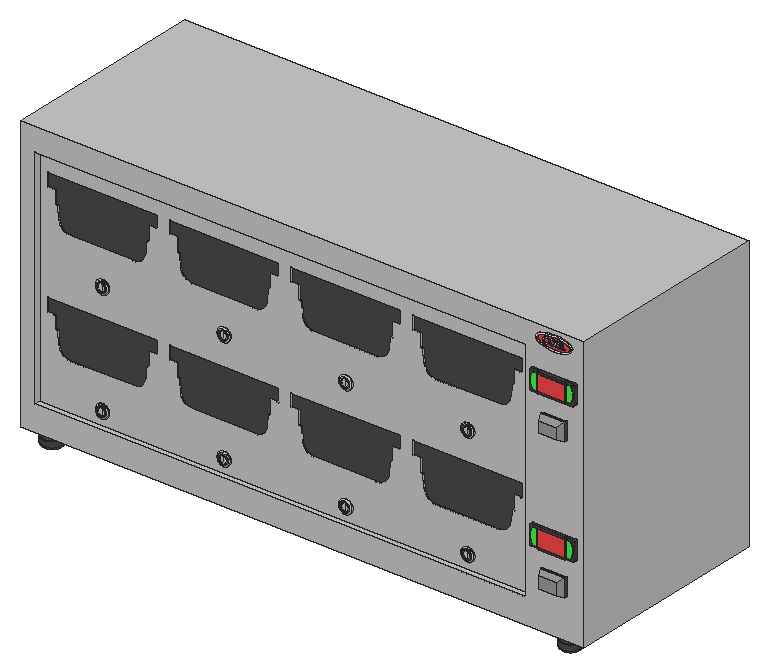
Revit family "QF_COZIL_CPE-08", category Equipamento especial, Revit 2020
Family settings
  Cota do conector redondo = Utilizar diâmetro
  Tipo de parte = Normal
  Número OmniClass = 23.40.40.11.21
  Título OmniClass = Hot Cabinets
  Com base no plano de trabalho = Não
  Sempre na vertical = Sim
  Corte com vazios quando carregada = Não
  Compartilhado = Não
  Ponto de cálculo do ambiente = Não
Parameters (values of type "CPE-08")
  Weight [instance] = 15.00 kg
  Watts [instance] = 2550 W
  Volts [instance] = 220 V
  URL = "https://cozil.com.br/produto/conservador-de-proteinas-eletrico/"
  Modelo = "CPE-08"
  Fabricante = "COZIL"
  Elevação padrão = 0 mm
  Descrição = "ESTUFA DE CONSERVACAO DE PROTEINAS ELETRICO DE ENCOSTO MED.930X340X472MM"
  Type Comments = ""
  Show Logo [instance] = yes
  Show Clearances [instance] = yes
  Potential Equalisation [instance] = yes
  Phase [instance] = 1
  Operational Current [instance] = 9.8 A
  Masterspec [instance] = ""
  Length Actual [instance] = 930 mm
  Ingress Protection Code [instance] = "IPX4"
  Identify Quantity as Lot [instance] = yes
  Height Actual [instance] = 472 mm
  Foodservice Equipment Identifier [instance] = yes
  Elec Conn Connection Height [instance] = 0 mm
  Depth Actual [instance] = 340 mm
  Cycle [instance] = 60 Hz
  CSI MasterFormat [instance] = ""
  CE Approved [instance] = yes
Reference planes
  plane 1 "Centro (Frontal/Traseira)": y = 0
  plane 2: z = 0
  plane 3 "Centro (Esquerda/Direita)": x = 0
  plane 4: x = -37
  plane 5: x = -37
  plane 6: x = -893.04
  plane 7: x = -893.04
  plane 8: y = -20
  plane 9: y = -320
  plane 10: y = -20
  plane 11: y = -320
  plane 12: z = 20
  plane 13: x = -930
  plane 14: z = 472
  plane 15: z = 393.079
  plane 16: y = -340
  plane 17: y = -340
  plane 18: y = -340
  plane 19: y = -340
  plane 20: y = -340
  plane 21: z = 267.5
  plane 22: z = 83.8
  plane 23: y = -340
Forms (mm)
  Extrusion 1, solid, material "QF_Metal_Stainless Steel"
    sketch origin (0, 0, 0) x (1, 0, 0) y (0, 0, 1)
      loop
        line (0, 472) -> (-930, 472) -> (-930, 20) -> (0, 20) -> (0, 472)
    from 0 to 330
  Extrusion 2, solid, material "QF_Metal_Stainless Steel"
    sketch origin (0, -330, 0) x (1, 0, 0) y (0, 0, 1)
      loop
        line (-930, 472) -> (-930, 20) -> (0, 20) -> (0, 472) -> (-930, 472)
      loop
        line (-905.35, 436) -> (-905.35, 61.9) -> (-96, 61.9) -> (-96, 436) -> (-905.35, 436)
    from 0 to 10
  Extrusion 3, void
    sketch origin (0, -330, 0) x (1, 0, 0) y (0, 0, 1)
      loop
        line (-892.6, 406) -> (-892.6, 384.2) -> (-879.5, 384.2) -> (-879.5, 363.202) -> (-877.836, 363.202)
        arc (-877.836, 363.202) -> (-876.484, 362.675) -> (-875.844, 361.372) r 2
        line (-875.844, 361.372) -> (-874.215, 342.298)
        arc (-874.215, 342.298) -> (-867.815, 329.269) -> (-854.287, 324) r 20
        line (-854.287, 324) -> (-749.764, 324)
        arc (-749.764, 324) -> (-736.252, 329.254) -> (-729.84, 342.257) r 20
        line (-729.84, 342.257) -> (-728.36, 359.174)
        arc (-728.36, 359.174) -> (-727.719, 360.475) -> (-726.367, 361) r 2
        line (-726.367, 361) -> (-724.7, 361) -> (-724.7, 384.2) -> (-711.6, 384.2) -> (-711.6, 406) -> (-892.6, 406)
      loop
        line (-691.6, 406) -> (-691.6, 384.2) -> (-678.5, 384.2) -> (-678.5, 363.202) -> (-676.836, 363.202)
        arc (-676.836, 363.202) -> (-675.484, 362.675) -> (-674.844, 361.372) r 2
        line (-674.844, 361.372) -> (-673.215, 342.298)
        arc (-673.215, 342.298) -> (-666.815, 329.269) -> (-653.287, 324) r 20
        line (-653.287, 324) -> (-548.764, 324)
        arc (-548.764, 324) -> (-535.252, 329.254) -> (-528.84, 342.257) r 20
        line (-528.84, 342.257) -> (-527.36, 359.174)
        arc (-527.36, 359.174) -> (-526.719, 360.475) -> (-525.367, 361) r 2
        line (-525.367, 361) -> (-523.7, 361) -> (-523.7, 384.2) -> (-510.6, 384.2) -> (-510.6, 406) -> (-691.6, 406)
      loop
        line (-490.6, 406) -> (-490.6, 384.2) -> (-477.5, 384.2) -> (-477.5, 363.202) -> (-475.836, 363.202)
        arc (-475.836, 363.202) -> (-474.484, 362.675) -> (-473.844, 361.372) r 2
        line (-473.844, 361.372) -> (-472.215, 342.298)
        arc (-472.215, 342.298) -> (-465.815, 329.269) -> (-452.287, 324) r 20
        line (-452.287, 324) -> (-347.764, 324)
        arc (-347.764, 324) -> (-334.252, 329.254) -> (-327.84, 342.257) r 20
        line (-327.84, 342.257) -> (-326.36, 359.174)
        arc (-326.36, 359.174) -> (-325.719, 360.475) -> (-324.367, 361) r 2
        line (-324.367, 361) -> (-322.7, 361) -> (-322.7, 384.2) -> (-309.6, 384.2) -> (-309.6, 406) -> (-490.6, 406)
      loop
        line (-892.6, 220.8) -> (-892.6, 199) -> (-879.5, 199) -> (-879.5, 178.002) -> (-877.836, 178.002)
        arc (-877.836, 178.002) -> (-876.484, 177.475) -> (-875.844, 176.172) r 2
        line (-875.844, 176.172) -> (-874.215, 157.098)
        arc (-874.215, 157.098) -> (-867.815, 144.069) -> (-854.287, 138.8) r 20
        line (-854.287, 138.8) -> (-749.764, 138.8)
        arc (-749.764, 138.8) -> (-736.252, 144.054) -> (-729.84, 157.057) r 20
        line (-729.84, 157.057) -> (-728.36, 173.974)
        arc (-728.36, 173.974) -> (-727.719, 175.275) -> (-726.367, 175.8) r 2
        line (-726.367, 175.8) -> (-724.7, 175.8) -> (-724.7, 199) -> (-711.6, 199) -> (-711.6, 220.8) -> (-892.6, 220.8)
      loop
        line (-691.6, 220.8) -> (-691.6, 199) -> (-678.5, 199) -> (-678.5, 178.002) -> (-676.836, 178.002)
        arc (-676.836, 178.002) -> (-675.484, 177.475) -> (-674.844, 176.172) r 2
        line (-674.844, 176.172) -> (-673.215, 157.098)
        arc (-673.215, 157.098) -> (-666.815, 144.069) -> (-653.287, 138.8) r 20
        line (-653.287, 138.8) -> (-548.764, 138.8)
        arc (-548.764, 138.8) -> (-535.252, 144.054) -> (-528.84, 157.057) r 20
        line (-528.84, 157.057) -> (-527.36, 173.974)
        arc (-527.36, 173.974) -> (-526.719, 175.275) -> (-525.367, 175.8) r 2
        line (-525.367, 175.8) -> (-523.7, 175.8) -> (-523.7, 199) -> (-510.6, 199) -> (-510.6, 220.8) -> (-691.6, 220.8)
      loop
        line (-490.6, 220.8) -> (-490.6, 199) -> (-477.5, 199) -> (-477.5, 178.002) -> (-475.836, 178.002)
        arc (-475.836, 178.002) -> (-474.484, 177.475) -> (-473.844, 176.172) r 2
        line (-473.844, 176.172) -> (-472.215, 157.098)
        arc (-472.215, 157.098) -> (-465.815, 144.069) -> (-452.287, 138.8) r 20
        line (-452.287, 138.8) -> (-347.764, 138.8)
        arc (-347.764, 138.8) -> (-334.252, 144.054) -> (-327.84, 157.057) r 20
        line (-327.84, 157.057) -> (-326.36, 173.974)
        arc (-326.36, 173.974) -> (-325.719, 175.275) -> (-324.367, 175.8) r 2
        line (-324.367, 175.8) -> (-322.7, 175.8) -> (-322.7, 199) -> (-309.6, 199) -> (-309.6, 220.8) -> (-490.6, 220.8)
      loop
        line (-289.6, 406) -> (-289.6, 384.2) -> (-276.5, 384.2) -> (-276.5, 363.202) -> (-274.836, 363.202)
        arc (-274.836, 363.202) -> (-273.484, 362.675) -> (-272.844, 361.372) r 2
        line (-272.844, 361.372) -> (-271.215, 342.298)
        arc (-271.215, 342.298) -> (-264.815, 329.269) -> (-251.287, 324) r 20
        line (-251.287, 324) -> (-146.764, 324)
        arc (-146.764, 324) -> (-133.252, 329.254) -> (-126.84, 342.257) r 20
        line (-126.84, 342.257) -> (-125.36, 359.174)
        arc (-125.36, 359.174) -> (-124.719, 360.475) -> (-123.367, 361) r 2
        line (-123.367, 361) -> (-121.7, 361) -> (-121.7, 384.2) -> (-108.6, 384.2) -> (-108.6, 406) -> (-289.6, 406)
      loop
        line (-289.6, 220.8) -> (-289.6, 199) -> (-276.5, 199) -> (-276.5, 178.002) -> (-274.836, 178.002)
        arc (-274.836, 178.002) -> (-273.484, 177.475) -> (-272.844, 176.172) r 2
        line (-272.844, 176.172) -> (-271.215, 157.098)
        arc (-271.215, 157.098) -> (-264.815, 144.069) -> (-251.287, 138.8) r 20
        line (-251.287, 138.8) -> (-146.764, 138.8)
        arc (-146.764, 138.8) -> (-133.252, 144.054) -> (-126.84, 157.057) r 20
        line (-126.84, 157.057) -> (-125.36, 173.974)
        arc (-125.36, 173.974) -> (-124.719, 175.275) -> (-123.367, 175.8) r 2
        line (-123.367, 175.8) -> (-121.7, 175.8) -> (-121.7, 199) -> (-108.6, 199) -> (-108.6, 220.8) -> (-289.6, 220.8)
    from 0 to -1
  Extrusion 4, solid, material "QF_Metal_Stainless Steel"
    sketch origin (0, 0, 0) x (-1, 0, 0) y (0, 0, 1)
      loop
        circle (50.5, 101) r 9.525
    from 0 to 10
Cuts and joins
  Extrusion 3 cuts Extrusion 1
  joined: Extrusion 1, Extrusion 2
Lines and regions (mm)
  symbolic lines
    curve 1: line (0, 0, 0) -> (-930, 0, 0)
    curve 2: line (0, -340, 0) -> (0, 0, 0)
    curve 3: line (-930, -340, 0) -> (0, -340, 0)
    curve 4: line (-930, 0, 0) -> (-930, -340, 0)
    curve 5: line (0, -330, 0) -> (-930, -330, 0)
    curve 6: line (-810.108, -340, 0) -> (-810.108, -345, 0)
    curve 7: line (-810.108, -345, 0) -> (-805, -345, 0)
    curve 8: line (-805, -345, 0) -> (-805, -350, 0)
    curve 9: line (-805, -350, 0) -> (-795, -350, 0)
    curve 10: line (-795, -350, 0) -> (-795, -345, 0)
    curve 11: line (-795, -345, 0) -> (-805, -345, 0)
    curve 12: line (-790, -345, 0) -> (-790, -340, 0)
    curve 13: line (-595, -345, 0) -> (-605, -345, 0)
    curve 14: line (-605, -345, 0) -> (-610, -345, 0)
    curve 15: line (-610, -345, 0) -> (-610, -340, 0)
    curve 16: line (-605, -345, 0) -> (-605, -350, 0)
    curve 17: line (-605, -350, 0) -> (-595, -350, 0)
    curve 18: line (-595, -350, 0) -> (-595, -345, 0)
    curve 19: line (-590, -345, 0) -> (-590, -340, 0)
    curve 20: line (-395, -345, 0) -> (-405, -345, 0)
    curve 21: line (-405, -345, 0) -> (-405, -350, 0)
    curve 22: line (-405, -350, 0) -> (-395, -350, 0)
    curve 23: line (-395, -350, 0) -> (-395, -345, 0)
    curve 24: line (-405, -345, 0) -> (-410, -345, 0)
    curve 25: line (-410, -345, 0) -> (-410, -340, 0)
    curve 26: line (-395, -345, 0) -> (-390, -345, 0)
    curve 27: line (-390, -345, 0) -> (-390, -340, 0)
    curve 28: line (-188.917, -345, 0) -> (-198.917, -345, 0)
    curve 29: line (-198.917, -345, 0) -> (-198.917, -350, 0)
    curve 30: line (-198.917, -350, 0) -> (-188.917, -350, 0)
    curve 31: line (-188.917, -350, 0) -> (-188.917, -345, 0)
    curve 32: line (-198.917, -345, 0) -> (-203.917, -345, 0)
    curve 33: line (-203.917, -345, 0) -> (-203.917, -340, 0)
    curve 34: line (-188.917, -345, 0) -> (-183.917, -345, 0)
    curve 35: line (-183.917, -345, 0) -> (-183.917, -340, 0)
    curve 36: line (-795, -345, 0) -> (-790, -345, 0)
    curve 37: line (-595, -345, 0) -> (-590, -345, 0)
  model lines
    curve 38: line (-930, -340, 436) -> (0, -340, 436)
    curve 39: line (-930, -340, 61.9) -> (0, -340, 61.9)
    curve 40: line (0, -340, 436) -> (0, 0, 436)
    curve 41: line (0, -340, 61.9) -> (0, 0, 61.9)
    curve 42: line (0, 0, 61.9) -> (-930, 0, 61.9)
    curve 43: line (0, 0, 436) -> (-930, 0, 436)
    curve 44: line (-930, 0, 436) -> (-930, -340, 436)
    curve 45: line (-930, 0, 61.9) -> (-930, -340, 61.9)
Dimensions and locks
  locked: Extrusion 1 sketch curve to plane 3 "Centro (Esquerda/Direita)" at 930
  locked: plane 7 to plane 13 at 36.96
  locked: plane 3 "Centro (Esquerda/Direita)" to plane 5 at 37
  locked: cut or joined group of Extrusion 1, Extrusion 2, Extrusion 3 to Extrusion 2 sketch curve at 96
  locked: cut or joined group of Extrusion 1, Extrusion 2, Extrusion 3 to Extrusion 2 sketch curve at 24.65
  Extrusion 2 sketch curve to plane 14 = 36 mm
  plane 12 to Extrusion 2 sketch curve = 41.9 mm
  "Height Actual": plane 14 to level
  "Length Actual": plane 13 to plane 3 "Centro (Esquerda/Direita)"
  "Depth Actual": plane 16 to plane 1 "Centro (Frontal/Traseira)"
  plane 3 "Centro (Esquerda/Direita)" to Extrusion 4 sketch curve = 50.5 mm
  level to Extrusion 4 sketch curve = 101 mm
  aligned and locked: level to plane 2
  aligned and locked: plane 3 "Centro (Esquerda/Direita)" to Extrusion 1 sketch curve
  aligned and locked: plane 5 to nested 4
  aligned and locked: plane 4 to nested 3
  aligned and locked: plane 4 to plane 5
  aligned and locked: plane 6 to nested 2
  aligned and locked: plane 7 to nested 1
  aligned and locked: plane 6 to plane 7
  aligned and locked: plane 8 to nested 1
  aligned and locked: plane 9 to nested 2
  aligned and locked: plane 10 to nested 3
  aligned and locked: plane 11 to nested 4
  aligned and locked: plane 9 to plane 11
  aligned and locked: plane 8 to plane 10
  aligned and locked: plane 12 to Extrusion 2
  aligned and locked: plane 12 to cut or joined group of Extrusion 1, Extrusion 2, Extrusion 3
  aligned and locked: plane 12 to nested 1
  aligned and locked: plane 13 to Extrusion 2
  aligned and locked: plane 14 to Extrusion 2
  aligned and locked: plane 14 to cut or joined group of Extrusion 1, Extrusion 2, Extrusion 3
  aligned and locked: plane 13 to cut or joined group of Extrusion 1, Extrusion 2, Extrusion 3
  aligned and locked: plane 16 to Extrusion 2
  aligned and locked: plane 17 to nested 5
  aligned and locked: plane 16 to plane 17
  aligned and locked: plane 19 to nested 6
  aligned and locked: plane 16 to plane 19
  aligned and locked: plane 18 to nested 7
  aligned and locked: plane 16 to plane 18
  aligned and locked: plane 20 to nested 8
  aligned and locked: plane 20 to nested 9
  aligned and locked: plane 16 to plane 20
  aligned and locked: nested 11 to nested 10
  aligned and locked: nested 15 to nested 14
  aligned and locked: nested 16 to nested 12
  aligned and locked: nested 17 to nested 13
  aligned and locked: plane 16 to plane 23
  aligned and locked: plane 21 to nested 10
  aligned and locked: plane 21 to nested 14
  aligned and locked: plane 21 to nested 12
  aligned and locked: plane 21 to nested 13
  aligned and locked: plane 22 to nested 11
  aligned and locked: plane 22 to nested 15
  aligned and locked: plane 22 to nested 16
  aligned and locked: plane 22 to nested 17
  aligned and locked: cut or joined group of Extrusion 1, Extrusion 2, Extrusion 3 to nested 10
  aligned and locked: cut or joined group of Extrusion 1, Extrusion 2, Extrusion 3 to nested 14
  aligned and locked: cut or joined group of Extrusion 1, Extrusion 2, Extrusion 3 to nested 12
  aligned and locked: cut or joined group of Extrusion 1, Extrusion 2, Extrusion 3 to nested 13
  aligned and locked: cut or joined group of Extrusion 1, Extrusion 2, Extrusion 3 to nested 11
  aligned and locked: cut or joined group of Extrusion 1, Extrusion 2, Extrusion 3 to nested 15
  aligned and locked: cut or joined group of Extrusion 1, Extrusion 2, Extrusion 3 to nested 16
  aligned and locked: cut or joined group of Extrusion 1, Extrusion 2, Extrusion 3 to nested 17
  aligned and locked: Extrusion 3 sketch curve to Extrusion 3 sketch curve  (x8)
  aligned and locked: nested 8 to nested 5
  aligned and locked: nested 5 to nested 7
  aligned and locked: nested 9 to nested 5
  aligned and locked: nested 6 to nested 5
  aligned and locked: Extrusion 2 to curve 38
  aligned and locked: Extrusion 2 to curve 39
Automatic sketch dimensions
  Extrusion 1 sketch curve to plane 12 = 0 mm
  Extrusion 1 sketch curve to plane 14 = 0 mm
  Extrusion 1 to Extrusion 2 sketch curve = 0 mm
  Extrusion 2 sketch curve to Extrusion 1 = 0 mm  (x3)
  plane 1 "Centro (Frontal/Traseira)" to curve 1 = 0 mm
  curve 1 to plane 13 = 0 mm
  curve 6 to plane 16 = 0 mm
  curve 5 to plane 3 "Centro (Esquerda/Direita)" = 0 mm
  curve 7 to plane 16 = 5 mm
  plane 6 to curve 7 = 82.932 mm
  curve 6 to curve 7 = 5.108 mm
  curve 7 to curve 11 = 10 mm
  curve 10 to curve 12 = 5 mm
  curve 14 to plane 16 = 5 mm
  curve 12 to curve 14 = 180 mm
  curve 14 to curve 17 = 5 mm
  curve 16 to curve 18 = 10 mm
  curve 25 to plane 16 = 5 mm
  curve 13 to curve 25 = 185 mm
  curve 24 to curve 21 = 5 mm
  curve 20 to curve 23 = 10 mm
  curve 20 to curve 26 = 5 mm
  curve 33 to plane 16 = 5 mm
  curve 32 to curve 29 = 5 mm
  curve 28 to curve 31 = 10 mm
  curve 28 to curve 34 = 5 mm
  curve 8 to curve 7 = 5 mm
  curve 23 to curve 20 = 5 mm
  curve 31 to curve 28 = 5 mm
  curve 16 to curve 13 = 5 mm
  curve 13 to curve 19 = 5 mm
  plane 9 to curve 5 = 10 mm
  curve 33 to plane 4 = 166.917 mm
  Extrusion 3 sketch curve to Extrusion 2 = 12.75 mm  (x2)
  Extrusion 3 sketch curve to Extrusion 3 sketch curve = 13.1 mm  (x14)
  Extrusion 3 sketch curve to Extrusion 3 sketch curve = 1.664 mm  (x8)
  Extrusion 3 sketch curve to Extrusion 3 sketch curve = 1.993 mm  (x8)
  Extrusion 3 sketch curve to Extrusion 3 sketch curve = 1.629 mm  (x8)
  Extrusion 3 sketch curve to Extrusion 3 sketch curve = 19.927 mm  (x8)
  Extrusion 3 sketch curve to Extrusion 3 sketch curve = 104.524 mm  (x6)
  Extrusion 3 sketch curve to Extrusion 2 = 95.157 mm  (x3)
  Extrusion 3 sketch curve to Extrusion 3 sketch curve = 19.924 mm  (x8)
  Extrusion 3 sketch curve to Extrusion 2 = 93.743 mm  (x3)
  Extrusion 3 sketch curve to Extrusion 2 = 76.826 mm  (x3)
  Extrusion 3 sketch curve to Extrusion 3 sketch curve = 1.48 mm  (x8)
  Extrusion 3 sketch curve to Extrusion 3 sketch curve = 1.992 mm  (x8)
  Extrusion 3 sketch curve to Extrusion 3 sketch curve = 1.667 mm  (x8)
  Extrusion 3 sketch curve to Extrusion 3 sketch curve = 20 mm  (x6)
  Extrusion 3 sketch curve to Extrusion 2 = 74.628 mm  (x3)
  Extrusion 3 sketch curve to Extrusion 2 = 114.272 mm  (x3)
  Extrusion 3 sketch curve to Extrusion 2 = 93.702 mm  (x2)
  Extrusion 3 sketch curve to Extrusion 2 = 95.198 mm  (x3)
  Extrusion 3 sketch curve to Extrusion 2 = 112.074 mm  (x2)
  Extrusion 3 sketch curve to Extrusion 2 = 50.764 mm  (x2)
  Extrusion 3 sketch curve to Extrusion 2 = 12.6 mm  (x2)
  Extrusion 3 sketch curve to Extrusion 3 sketch curve = 18.257 mm  (x8)
  Extrusion 3 sketch curve to Extrusion 3 sketch curve = 18.298 mm  (x3)
  Extrusion 3 sketch curve to Extrusion 3 sketch curve = 16.743 mm  (x3)
  Extrusion 3 sketch curve to Extrusion 3 sketch curve = 0.174 mm  (x8)
  Extrusion 3 sketch curve to Extrusion 3 sketch curve = 18.904 mm  (x2)
  Extrusion 3 sketch curve to Extrusion 3 sketch curve = 0.17 mm  (x8)
  Extrusion 3 sketch curve to Extrusion 3 sketch curve = 23.2 mm  (x2)
  Extrusion 3 sketch curve to Extrusion 3 sketch curve = 0 mm  (x4)
  Extrusion 3 sketch curve to Extrusion 3 sketch curve = 20.998 mm  (x4)
  Extrusion 3 sketch curve to Extrusion 3 sketch curve = 21.8 mm  (x6)
  Extrusion 3 sketch curve to Extrusion 3 sketch curve = 37.372 mm
  Extrusion 3 sketch curve to Extrusion 3 sketch curve = 19.074 mm
  curve 39 to Extrusion 2 = 0 mm  (x2)
  curve 38 to Extrusion 2 = 0 mm  (x2)
  curve 41 to Extrusion 1 = 0 mm
  curve 40 to Extrusion 1 = 0 mm
  curve 41 to Extrusion 1 = 10 mm
  Extrusion 1 to curve 41 = 41.9 mm
  curve 40 to Extrusion 1 = 36 mm
  curve 40 to Extrusion 1 = 10 mm
  curve 42 to Extrusion 1 = 0 mm
  curve 43 to Extrusion 1 = 0 mm
  Extrusion 1 to curve 43 = 0 mm
  Extrusion 1 to curve 42 = 0 mm
  Extrusion 1 to curve 42 = 41.9 mm
  Extrusion 1 to curve 43 = 36 mm
  curve 44 to Extrusion 1 = 0 mm
  curve 45 to Extrusion 1 = 0 mm
  curve 44 to Extrusion 1 = 10 mm
  curve 44 to Extrusion 1 = 36 mm
  curve 45 to Extrusion 1 = 10 mm
  curve 45 to Extrusion 1 = 41.9 mm
  radius of Extrusion 4 sketch curve = 9.525 mm
Nested families
  nested 1: "PE DE APOIO" at (-893.04, -20, 0), type "PE DE APOIO"
    with Weight 0.00 kg, Watts 0 W, Waste Water Discharge Temperature -273.15 °C, Waste Remarks "", Warranty Start Date "", Warranty Duration "", Volts 0 V, Volt Free Conn yes, Ventilation Remarks "", URL Recommended Spares List "", URL Manufacturer "", URL Cutsheet "", URL Critical Spares List "", Technical Documentation "", Tag Number "", Steam type "", Steam Supply Volume 0.0 L/s, Steam Supply Size 0 mm, Steam Supply RI Height 0 mm, Steam Supply Minimum Pressure 0.0 Pa, Steam Supply Maximum Pressure 0.0 Pa, Steam Supply Connection Height 0 mm, Steam Remarks "", Steam Pounds per Hour 0, Status "", Start Up Current 0 A, Specification by User "", Specification by Manufacturer "", Sound Level "", Solid Fuel Type "", Show Logo yes, Show Clearances yes, Service Life Duration "", Serial Number "", Sensible Heat Output 0 W, Seismic Rating "", SMACNA No "", Revision Code "", Revision "", Refrigeration Working Pressure 0.0 Pa, Refrigeration Suction Line Size 0 mm, Refrigeration Liquid Line Size 0 mm, Refrigeration Evaporation Temperature -273.15 °C, Refrigeration Energy Efficiency Index "", Refrigeration Defrost Drain yes, Refrigeration Climate Class "", Refrigerant Type "", Refrigerant Mass 0, Refrigerant Flow 0.0 L/s, Refrigerant Compressor Remote yes, Production Year "", Preheated Hot Water Temperature Recommended -273.15 °C, Preheated Hot Water Size 0 mm, Preheated Hot Water RI Height 0 mm, Preheated Hot Water Quality "", Preheated Hot Water Minimum Pressure 0.0 Pa, Preheated Hot Water Maximum Pressure 0.0 Pa, Preheated Hot Water Flow 0.0 L/s, Preheated Hot Water Connection Height 0 mm, Potential Equalisation yes, Point Load 0, Plumbing Remarks "", Plumbing Connection Type "", Phase 0, Other Equipment Approvals "", Operational Current 0 A, Odor Trap Included yes, Number of Poles 1, No Load Power Draw yes, National Water Regulation Certification yes, NAFEM Spec ID Number "", Model Warning "", Min Ckt Ampacity 0 A, Mechanical Remarks "", Mechanical Connection Type "", Max Overcurrent Protection 0 A, Masterspec "", Main switch integrated yes, MU Air Volume 0.0 L/s, MU Air Vent Width 0 mm, MU Air Vent Diameter 0 mm, MU Air Vent Depth 0 mm, MU Air Static Press 0.0 Pa, MU Air Speed at Spigot 0.0 L/s, MU Air RI Height 0 mm, Length Actual 0 mm, Latent Heat Output 0 W, Item Number "", Installed By "", Installation Date "", Ingress Protection Code "", Indirect Waste Size 0 mm, Indirect Waste Flow 0.0 L/s, Indirect Waste Connection Type "", Indirect Waste Connection Height 0 mm, Identify Quantity as Lot yes, ID "", Hygiene Approval "", Hot Water Temperature -273.15 °C, Hot Water Supply Temperature -273.15 °C, Hot Water Size 0 mm, Hot Water RI Height 0 mm, Hot Water Quality "", Hot Water Minimum Pressure 0.0 Pa, Hot Water Maximum Pressure 0.0 Pa, Hot Water Flow 0.0 L/s, Hot Water Consumption "", Hot Water Connection Height 0 mm, Height Actual 0 mm, HP "", Gas Size Flexible 0 mm, Gas Size Fixed 0 mm, Gas Size 0 mm, Gas RI Height 0 mm, Gas Input 0 W, Gas Flow 0.0 L/s, Gas Connection Height 0 mm, Furnished By "", Fuel Type "", Foodservice Equipment Identifier yes, Flue Type "", Filtered Treated Water Supply Size 0 mm, Filtered Treated Water Recommended Temperature -273.15 °C, Filtered Treated Water RI Height 0 mm, Filtered Treated Water Quality "", Filtered Treated Water Minimum Pressure 0.0 Pa, Filtered Treated Water Maximum Pressure 0.0 Pa, Filtered Treated Water Flow 0.0 L/s, Filtered Treated Water Consumption "", Filtered Treated Water Connection Height 0 mm, FL Amps 0 A, Exhaust Volume 0.0 L/s, Exhaust Vent Width 0 mm, Exhaust Vent Height 0 mm, Exhaust Vent Diameter 0 mm, Exhaust Vent Depth 0 mm, Exhaust Static Press 0.0 Pa, Exhaust Speed at Spigot 0.0 L/s, Exhaust RI Height 0 mm, Exhaust Air Temperature -273.15 °C, Exhaust Air Humidity 0, Energy Efficiency Labelling "", Electrical Remarks "", Electric Connection Type "", Elec Conn RI Height 0 mm, Elec Conn Connection Height 0 mm, Earth Leakage Switch necessary yes, Earth Leakage Switch Type "", ETL Approved yes, Direct Waste Size 0 mm, Direct Waste RI Height 0 mm, Direct Waste Flow 0.0 L/s, Direct Waste Connection Height 0 mm, Direct Heat Output 0 W, Digital Connectivity Description "", Depth Actual 0 mm, Cycle 0 Hz, Connection to energy optimisation system yes, Conn Plug "", Conn Conduit yes, Condensate Return Size 0 mm, Condensate Return RI Height 0 mm, Condensate Return Connection Height 0 mm, Compressed Air Volume 0.0 L/s, Compressed Air Size 0 mm, Compressed Air RI Height 0 mm, Compressed Air Quality "", Compressed Air Pressure 0.0 Pa, Compressed Air Connection Height 0 mm, Cold Water Temperature Recommended -273.15 °C, Cold Water Size 0 mm, Cold Water RI Height 0 mm, Cold Water Quality "", Cold Water Minimum Pressure 0.0 Pa, Cold Water Maximum Pressure 0.0 Pa, Cold Water Flow 0.0 L/s, Cold Water Consumption "", Cold Water Connection Height 0 mm, Chilled Water Temperature -273.15 °C, Chilled Water Supply Size 0 mm, Chilled Water Supply RI Height 0 mm, Chilled Water Supply Quality "", Chilled Water Supply Maximum Temperature -273.15 °C, Chilled Water Supply Connection Height 0 mm, Chilled Water Return Size 0 mm, Chilled Water Return RI Height 0 mm, Chilled Water Return Minimum Pressure 0.0 Pa, Chilled Water Return Maximum Pressure 0.0 Pa, Chilled Water Return Connection Height 0 mm, Chilled Water Minimum Pressure 0.0 Pa, Chilled Water Maximum Pressure 0.0 Pa, Chilled Water Flow 0.0 L/s, CSI MasterFormat "", CO2 Volume 0.0 L/s, CO2 Size 0 mm, CO2 RI Height 0 mm, CO2 Pressure 0.0 Pa, CO2 Connection Height 0 mm, CE Approved yes, Barcode "", BTUH 0 W, Author "", Asset Identifier "", Apparent Power 0 VA, Accessory yes, Ability for Digital Connectivity yes
  nested 2: "PE DE APOIO" at (-893.04, -320, 0), type "PE DE APOIO"
    with Weight 0.00 kg, Watts 0 W, Waste Water Discharge Temperature -273.15 °C, Waste Remarks "", Warranty Start Date "", Warranty Duration "", Volts 0 V, Volt Free Conn yes, Ventilation Remarks "", URL Recommended Spares List "", URL Manufacturer "", URL Cutsheet "", URL Critical Spares List "", Technical Documentation "", Tag Number "", Steam type "", Steam Supply Volume 0.0 L/s, Steam Supply Size 0 mm, Steam Supply RI Height 0 mm, Steam Supply Minimum Pressure 0.0 Pa, Steam Supply Maximum Pressure 0.0 Pa, Steam Supply Connection Height 0 mm, Steam Remarks "", Steam Pounds per Hour 0, Status "", Start Up Current 0 A, Specification by User "", Specification by Manufacturer "", Sound Level "", Solid Fuel Type "", Show Logo yes, Show Clearances yes, Service Life Duration "", Serial Number "", Sensible Heat Output 0 W, Seismic Rating "", SMACNA No "", Revision Code "", Revision "", Refrigeration Working Pressure 0.0 Pa, Refrigeration Suction Line Size 0 mm, Refrigeration Liquid Line Size 0 mm, Refrigeration Evaporation Temperature -273.15 °C, Refrigeration Energy Efficiency Index "", Refrigeration Defrost Drain yes, Refrigeration Climate Class "", Refrigerant Type "", Refrigerant Mass 0, Refrigerant Flow 0.0 L/s, Refrigerant Compressor Remote yes, Production Year "", Preheated Hot Water Temperature Recommended -273.15 °C, Preheated Hot Water Size 0 mm, Preheated Hot Water RI Height 0 mm, Preheated Hot Water Quality "", Preheated Hot Water Minimum Pressure 0.0 Pa, Preheated Hot Water Maximum Pressure 0.0 Pa, Preheated Hot Water Flow 0.0 L/s, Preheated Hot Water Connection Height 0 mm, Potential Equalisation yes, Point Load 0, Plumbing Remarks "", Plumbing Connection Type "", Phase 0, Other Equipment Approvals "", Operational Current 0 A, Odor Trap Included yes, Number of Poles 1, No Load Power Draw yes, National Water Regulation Certification yes, NAFEM Spec ID Number "", Model Warning "", Min Ckt Ampacity 0 A, Mechanical Remarks "", Mechanical Connection Type "", Max Overcurrent Protection 0 A, Masterspec "", Main switch integrated yes, MU Air Volume 0.0 L/s, MU Air Vent Width 0 mm, MU Air Vent Diameter 0 mm, MU Air Vent Depth 0 mm, MU Air Static Press 0.0 Pa, MU Air Speed at Spigot 0.0 L/s, MU Air RI Height 0 mm, Length Actual 0 mm, Latent Heat Output 0 W, Item Number "", Installed By "", Installation Date "", Ingress Protection Code "", Indirect Waste Size 0 mm, Indirect Waste Flow 0.0 L/s, Indirect Waste Connection Type "", Indirect Waste Connection Height 0 mm, Identify Quantity as Lot yes, ID "", Hygiene Approval "", Hot Water Temperature -273.15 °C, Hot Water Supply Temperature -273.15 °C, Hot Water Size 0 mm, Hot Water RI Height 0 mm, Hot Water Quality "", Hot Water Minimum Pressure 0.0 Pa, Hot Water Maximum Pressure 0.0 Pa, Hot Water Flow 0.0 L/s, Hot Water Consumption "", Hot Water Connection Height 0 mm, Height Actual 0 mm, HP "", Gas Size Flexible 0 mm, Gas Size Fixed 0 mm, Gas Size 0 mm, Gas RI Height 0 mm, Gas Input 0 W, Gas Flow 0.0 L/s, Gas Connection Height 0 mm, Furnished By "", Fuel Type "", Foodservice Equipment Identifier yes, Flue Type "", Filtered Treated Water Supply Size 0 mm, Filtered Treated Water Recommended Temperature -273.15 °C, Filtered Treated Water RI Height 0 mm, Filtered Treated Water Quality "", Filtered Treated Water Minimum Pressure 0.0 Pa, Filtered Treated Water Maximum Pressure 0.0 Pa, Filtered Treated Water Flow 0.0 L/s, Filtered Treated Water Consumption "", Filtered Treated Water Connection Height 0 mm, FL Amps 0 A, Exhaust Volume 0.0 L/s, Exhaust Vent Width 0 mm, Exhaust Vent Height 0 mm, Exhaust Vent Diameter 0 mm, Exhaust Vent Depth 0 mm, Exhaust Static Press 0.0 Pa, Exhaust Speed at Spigot 0.0 L/s, Exhaust RI Height 0 mm, Exhaust Air Temperature -273.15 °C, Exhaust Air Humidity 0, Energy Efficiency Labelling "", Electrical Remarks "", Electric Connection Type "", Elec Conn RI Height 0 mm, Elec Conn Connection Height 0 mm, Earth Leakage Switch necessary yes, Earth Leakage Switch Type "", ETL Approved yes, Direct Waste Size 0 mm, Direct Waste RI Height 0 mm, Direct Waste Flow 0.0 L/s, Direct Waste Connection Height 0 mm, Direct Heat Output 0 W, Digital Connectivity Description "", Depth Actual 0 mm, Cycle 0 Hz, Connection to energy optimisation system yes, Conn Plug "", Conn Conduit yes, Condensate Return Size 0 mm, Condensate Return RI Height 0 mm, Condensate Return Connection Height 0 mm, Compressed Air Volume 0.0 L/s, Compressed Air Size 0 mm, Compressed Air RI Height 0 mm, Compressed Air Quality "", Compressed Air Pressure 0.0 Pa, Compressed Air Connection Height 0 mm, Cold Water Temperature Recommended -273.15 °C, Cold Water Size 0 mm, Cold Water RI Height 0 mm, Cold Water Quality "", Cold Water Minimum Pressure 0.0 Pa, Cold Water Maximum Pressure 0.0 Pa, Cold Water Flow 0.0 L/s, Cold Water Consumption "", Cold Water Connection Height 0 mm, Chilled Water Temperature -273.15 °C, Chilled Water Supply Size 0 mm, Chilled Water Supply RI Height 0 mm, Chilled Water Supply Quality "", Chilled Water Supply Maximum Temperature -273.15 °C, Chilled Water Supply Connection Height 0 mm, Chilled Water Return Size 0 mm, Chilled Water Return RI Height 0 mm, Chilled Water Return Minimum Pressure 0.0 Pa, Chilled Water Return Maximum Pressure 0.0 Pa, Chilled Water Return Connection Height 0 mm, Chilled Water Minimum Pressure 0.0 Pa, Chilled Water Maximum Pressure 0.0 Pa, Chilled Water Flow 0.0 L/s, CSI MasterFormat "", CO2 Volume 0.0 L/s, CO2 Size 0 mm, CO2 RI Height 0 mm, CO2 Pressure 0.0 Pa, CO2 Connection Height 0 mm, CE Approved yes, Barcode "", BTUH 0 W, Author "", Asset Identifier "", Apparent Power 0 VA, Accessory yes, Ability for Digital Connectivity yes
  nested 3: "PE DE APOIO" at (-37, -20, 0), type "PE DE APOIO"
    with Weight 0.00 kg, Watts 0 W, Waste Water Discharge Temperature -273.15 °C, Waste Remarks "", Warranty Start Date "", Warranty Duration "", Volts 0 V, Volt Free Conn yes, Ventilation Remarks "", URL Recommended Spares List "", URL Manufacturer "", URL Cutsheet "", URL Critical Spares List "", Technical Documentation "", Tag Number "", Steam type "", Steam Supply Volume 0.0 L/s, Steam Supply Size 0 mm, Steam Supply RI Height 0 mm, Steam Supply Minimum Pressure 0.0 Pa, Steam Supply Maximum Pressure 0.0 Pa, Steam Supply Connection Height 0 mm, Steam Remarks "", Steam Pounds per Hour 0, Status "", Start Up Current 0 A, Specification by User "", Specification by Manufacturer "", Sound Level "", Solid Fuel Type "", Show Logo yes, Show Clearances yes, Service Life Duration "", Serial Number "", Sensible Heat Output 0 W, Seismic Rating "", SMACNA No "", Revision Code "", Revision "", Refrigeration Working Pressure 0.0 Pa, Refrigeration Suction Line Size 0 mm, Refrigeration Liquid Line Size 0 mm, Refrigeration Evaporation Temperature -273.15 °C, Refrigeration Energy Efficiency Index "", Refrigeration Defrost Drain yes, Refrigeration Climate Class "", Refrigerant Type "", Refrigerant Mass 0, Refrigerant Flow 0.0 L/s, Refrigerant Compressor Remote yes, Production Year "", Preheated Hot Water Temperature Recommended -273.15 °C, Preheated Hot Water Size 0 mm, Preheated Hot Water RI Height 0 mm, Preheated Hot Water Quality "", Preheated Hot Water Minimum Pressure 0.0 Pa, Preheated Hot Water Maximum Pressure 0.0 Pa, Preheated Hot Water Flow 0.0 L/s, Preheated Hot Water Connection Height 0 mm, Potential Equalisation yes, Point Load 0, Plumbing Remarks "", Plumbing Connection Type "", Phase 0, Other Equipment Approvals "", Operational Current 0 A, Odor Trap Included yes, Number of Poles 1, No Load Power Draw yes, National Water Regulation Certification yes, NAFEM Spec ID Number "", Model Warning "", Min Ckt Ampacity 0 A, Mechanical Remarks "", Mechanical Connection Type "", Max Overcurrent Protection 0 A, Masterspec "", Main switch integrated yes, MU Air Volume 0.0 L/s, MU Air Vent Width 0 mm, MU Air Vent Diameter 0 mm, MU Air Vent Depth 0 mm, MU Air Static Press 0.0 Pa, MU Air Speed at Spigot 0.0 L/s, MU Air RI Height 0 mm, Length Actual 0 mm, Latent Heat Output 0 W, Item Number "", Installed By "", Installation Date "", Ingress Protection Code "", Indirect Waste Size 0 mm, Indirect Waste Flow 0.0 L/s, Indirect Waste Connection Type "", Indirect Waste Connection Height 0 mm, Identify Quantity as Lot yes, ID "", Hygiene Approval "", Hot Water Temperature -273.15 °C, Hot Water Supply Temperature -273.15 °C, Hot Water Size 0 mm, Hot Water RI Height 0 mm, Hot Water Quality "", Hot Water Minimum Pressure 0.0 Pa, Hot Water Maximum Pressure 0.0 Pa, Hot Water Flow 0.0 L/s, Hot Water Consumption "", Hot Water Connection Height 0 mm, Height Actual 0 mm, HP "", Gas Size Flexible 0 mm, Gas Size Fixed 0 mm, Gas Size 0 mm, Gas RI Height 0 mm, Gas Input 0 W, Gas Flow 0.0 L/s, Gas Connection Height 0 mm, Furnished By "", Fuel Type "", Foodservice Equipment Identifier yes, Flue Type "", Filtered Treated Water Supply Size 0 mm, Filtered Treated Water Recommended Temperature -273.15 °C, Filtered Treated Water RI Height 0 mm, Filtered Treated Water Quality "", Filtered Treated Water Minimum Pressure 0.0 Pa, Filtered Treated Water Maximum Pressure 0.0 Pa, Filtered Treated Water Flow 0.0 L/s, Filtered Treated Water Consumption "", Filtered Treated Water Connection Height 0 mm, FL Amps 0 A, Exhaust Volume 0.0 L/s, Exhaust Vent Width 0 mm, Exhaust Vent Height 0 mm, Exhaust Vent Diameter 0 mm, Exhaust Vent Depth 0 mm, Exhaust Static Press 0.0 Pa, Exhaust Speed at Spigot 0.0 L/s, Exhaust RI Height 0 mm, Exhaust Air Temperature -273.15 °C, Exhaust Air Humidity 0, Energy Efficiency Labelling "", Electrical Remarks "", Electric Connection Type "", Elec Conn RI Height 0 mm, Elec Conn Connection Height 0 mm, Earth Leakage Switch necessary yes, Earth Leakage Switch Type "", ETL Approved yes, Direct Waste Size 0 mm, Direct Waste RI Height 0 mm, Direct Waste Flow 0.0 L/s, Direct Waste Connection Height 0 mm, Direct Heat Output 0 W, Digital Connectivity Description "", Depth Actual 0 mm, Cycle 0 Hz, Connection to energy optimisation system yes, Conn Plug "", Conn Conduit yes, Condensate Return Size 0 mm, Condensate Return RI Height 0 mm, Condensate Return Connection Height 0 mm, Compressed Air Volume 0.0 L/s, Compressed Air Size 0 mm, Compressed Air RI Height 0 mm, Compressed Air Quality "", Compressed Air Pressure 0.0 Pa, Compressed Air Connection Height 0 mm, Cold Water Temperature Recommended -273.15 °C, Cold Water Size 0 mm, Cold Water RI Height 0 mm, Cold Water Quality "", Cold Water Minimum Pressure 0.0 Pa, Cold Water Maximum Pressure 0.0 Pa, Cold Water Flow 0.0 L/s, Cold Water Consumption "", Cold Water Connection Height 0 mm, Chilled Water Temperature -273.15 °C, Chilled Water Supply Size 0 mm, Chilled Water Supply RI Height 0 mm, Chilled Water Supply Quality "", Chilled Water Supply Maximum Temperature -273.15 °C, Chilled Water Supply Connection Height 0 mm, Chilled Water Return Size 0 mm, Chilled Water Return RI Height 0 mm, Chilled Water Return Minimum Pressure 0.0 Pa, Chilled Water Return Maximum Pressure 0.0 Pa, Chilled Water Return Connection Height 0 mm, Chilled Water Minimum Pressure 0.0 Pa, Chilled Water Maximum Pressure 0.0 Pa, Chilled Water Flow 0.0 L/s, CSI MasterFormat "", CO2 Volume 0.0 L/s, CO2 Size 0 mm, CO2 RI Height 0 mm, CO2 Pressure 0.0 Pa, CO2 Connection Height 0 mm, CE Approved yes, Barcode "", BTUH 0 W, Author "", Asset Identifier "", Apparent Power 0 VA, Accessory yes, Ability for Digital Connectivity yes
  nested 4: "PE DE APOIO" at (-37, -320, 0), type "PE DE APOIO"
    with Weight 0.00 kg, Watts 0 W, Waste Water Discharge Temperature -273.15 °C, Waste Remarks "", Warranty Start Date "", Warranty Duration "", Volts 0 V, Volt Free Conn yes, Ventilation Remarks "", URL Recommended Spares List "", URL Manufacturer "", URL Cutsheet "", URL Critical Spares List "", Technical Documentation "", Tag Number "", Steam type "", Steam Supply Volume 0.0 L/s, Steam Supply Size 0 mm, Steam Supply RI Height 0 mm, Steam Supply Minimum Pressure 0.0 Pa, Steam Supply Maximum Pressure 0.0 Pa, Steam Supply Connection Height 0 mm, Steam Remarks "", Steam Pounds per Hour 0, Status "", Start Up Current 0 A, Specification by User "", Specification by Manufacturer "", Sound Level "", Solid Fuel Type "", Show Logo yes, Show Clearances yes, Service Life Duration "", Serial Number "", Sensible Heat Output 0 W, Seismic Rating "", SMACNA No "", Revision Code "", Revision "", Refrigeration Working Pressure 0.0 Pa, Refrigeration Suction Line Size 0 mm, Refrigeration Liquid Line Size 0 mm, Refrigeration Evaporation Temperature -273.15 °C, Refrigeration Energy Efficiency Index "", Refrigeration Defrost Drain yes, Refrigeration Climate Class "", Refrigerant Type "", Refrigerant Mass 0, Refrigerant Flow 0.0 L/s, Refrigerant Compressor Remote yes, Production Year "", Preheated Hot Water Temperature Recommended -273.15 °C, Preheated Hot Water Size 0 mm, Preheated Hot Water RI Height 0 mm, Preheated Hot Water Quality "", Preheated Hot Water Minimum Pressure 0.0 Pa, Preheated Hot Water Maximum Pressure 0.0 Pa, Preheated Hot Water Flow 0.0 L/s, Preheated Hot Water Connection Height 0 mm, Potential Equalisation yes, Point Load 0, Plumbing Remarks "", Plumbing Connection Type "", Phase 0, Other Equipment Approvals "", Operational Current 0 A, Odor Trap Included yes, Number of Poles 1, No Load Power Draw yes, National Water Regulation Certification yes, NAFEM Spec ID Number "", Model Warning "", Min Ckt Ampacity 0 A, Mechanical Remarks "", Mechanical Connection Type "", Max Overcurrent Protection 0 A, Masterspec "", Main switch integrated yes, MU Air Volume 0.0 L/s, MU Air Vent Width 0 mm, MU Air Vent Diameter 0 mm, MU Air Vent Depth 0 mm, MU Air Static Press 0.0 Pa, MU Air Speed at Spigot 0.0 L/s, MU Air RI Height 0 mm, Length Actual 0 mm, Latent Heat Output 0 W, Item Number "", Installed By "", Installation Date "", Ingress Protection Code "", Indirect Waste Size 0 mm, Indirect Waste Flow 0.0 L/s, Indirect Waste Connection Type "", Indirect Waste Connection Height 0 mm, Identify Quantity as Lot yes, ID "", Hygiene Approval "", Hot Water Temperature -273.15 °C, Hot Water Supply Temperature -273.15 °C, Hot Water Size 0 mm, Hot Water RI Height 0 mm, Hot Water Quality "", Hot Water Minimum Pressure 0.0 Pa, Hot Water Maximum Pressure 0.0 Pa, Hot Water Flow 0.0 L/s, Hot Water Consumption "", Hot Water Connection Height 0 mm, Height Actual 0 mm, HP "", Gas Size Flexible 0 mm, Gas Size Fixed 0 mm, Gas Size 0 mm, Gas RI Height 0 mm, Gas Input 0 W, Gas Flow 0.0 L/s, Gas Connection Height 0 mm, Furnished By "", Fuel Type "", Foodservice Equipment Identifier yes, Flue Type "", Filtered Treated Water Supply Size 0 mm, Filtered Treated Water Recommended Temperature -273.15 °C, Filtered Treated Water RI Height 0 mm, Filtered Treated Water Quality "", Filtered Treated Water Minimum Pressure 0.0 Pa, Filtered Treated Water Maximum Pressure 0.0 Pa, Filtered Treated Water Flow 0.0 L/s, Filtered Treated Water Consumption "", Filtered Treated Water Connection Height 0 mm, FL Amps 0 A, Exhaust Volume 0.0 L/s, Exhaust Vent Width 0 mm, Exhaust Vent Height 0 mm, Exhaust Vent Diameter 0 mm, Exhaust Vent Depth 0 mm, Exhaust Static Press 0.0 Pa, Exhaust Speed at Spigot 0.0 L/s, Exhaust RI Height 0 mm, Exhaust Air Temperature -273.15 °C, Exhaust Air Humidity 0, Energy Efficiency Labelling "", Electrical Remarks "", Electric Connection Type "", Elec Conn RI Height 0 mm, Elec Conn Connection Height 0 mm, Earth Leakage Switch necessary yes, Earth Leakage Switch Type "", ETL Approved yes, Direct Waste Size 0 mm, Direct Waste RI Height 0 mm, Direct Waste Flow 0.0 L/s, Direct Waste Connection Height 0 mm, Direct Heat Output 0 W, Digital Connectivity Description "", Depth Actual 0 mm, Cycle 0 Hz, Connection to energy optimisation system yes, Conn Plug "", Conn Conduit yes, Condensate Return Size 0 mm, Condensate Return RI Height 0 mm, Condensate Return Connection Height 0 mm, Compressed Air Volume 0.0 L/s, Compressed Air Size 0 mm, Compressed Air RI Height 0 mm, Compressed Air Quality "", Compressed Air Pressure 0.0 Pa, Compressed Air Connection Height 0 mm, Cold Water Temperature Recommended -273.15 °C, Cold Water Size 0 mm, Cold Water RI Height 0 mm, Cold Water Quality "", Cold Water Minimum Pressure 0.0 Pa, Cold Water Maximum Pressure 0.0 Pa, Cold Water Flow 0.0 L/s, Cold Water Consumption "", Cold Water Connection Height 0 mm, Chilled Water Temperature -273.15 °C, Chilled Water Supply Size 0 mm, Chilled Water Supply RI Height 0 mm, Chilled Water Supply Quality "", Chilled Water Supply Maximum Temperature -273.15 °C, Chilled Water Supply Connection Height 0 mm, Chilled Water Return Size 0 mm, Chilled Water Return RI Height 0 mm, Chilled Water Return Minimum Pressure 0.0 Pa, Chilled Water Return Maximum Pressure 0.0 Pa, Chilled Water Return Connection Height 0 mm, Chilled Water Minimum Pressure 0.0 Pa, Chilled Water Maximum Pressure 0.0 Pa, Chilled Water Flow 0.0 L/s, CSI MasterFormat "", CO2 Volume 0.0 L/s, CO2 Size 0 mm, CO2 RI Height 0 mm, CO2 Pressure 0.0 Pa, CO2 Connection Height 0 mm, CE Approved yes, Barcode "", BTUH 0 W, Author "", Asset Identifier "", Apparent Power 0 VA, Accessory yes, Ability for Digital Connectivity yes
  nested 5: "LOGOTIPO COZIL MENOR" at (-48, -340, 454), visible <- "Show Logo", type "LOGOTIPO COZIL MENOR"
    with Weight 0.00 kg, Watts 0 W, Waste Water Discharge Temperature -273.15 °C, Waste Remarks "", Warranty Start Date "", Warranty Duration "", Volts 0 V, Volt Free Conn yes, Ventilation Remarks "", URL Recommended Spares List "", URL Manufacturer "", URL Cutsheet "", URL Critical Spares List "", Technical Documentation "", Tag Number "", Steam type "", Steam Supply Volume 0.0 L/s, Steam Supply Size 0 mm, Steam Supply RI Height 0 mm, Steam Supply Minimum Pressure 0.0 Pa, Steam Supply Maximum Pressure 0.0 Pa, Steam Supply Connection Height 0 mm, Steam Remarks "", Steam Pounds per Hour 0, Status "", Start Up Current 0 A, Specification by User "", Specification by Manufacturer "", Sound Level "", Solid Fuel Type "", Show Logo yes, Show Clearances yes, Service Life Duration "", Serial Number "", Sensible Heat Output 0 W, Seismic Rating "", SMACNA No "", Revision Code "", Revision "", Refrigeration Working Pressure 0.0 Pa, Refrigeration Suction Line Size 0 mm, Refrigeration Liquid Line Size 0 mm, Refrigeration Evaporation Temperature -273.15 °C, Refrigeration Energy Efficiency Index "", Refrigeration Defrost Drain yes, Refrigeration Climate Class "", Refrigerant Type "", Refrigerant Mass 0, Refrigerant Flow 0.0 L/s, Refrigerant Compressor Remote yes, Production Year "", Preheated Hot Water Temperature Recommended -273.15 °C, Preheated Hot Water Size 0 mm, Preheated Hot Water RI Height 0 mm, Preheated Hot Water Quality "", Preheated Hot Water Minimum Pressure 0.0 Pa, Preheated Hot Water Maximum Pressure 0.0 Pa, Preheated Hot Water Flow 0.0 L/s, Preheated Hot Water Connection Height 0 mm, Potential Equalisation yes, Point Load 0, Plumbing Remarks "", Plumbing Connection Type "", Phase 0, Other Equipment Approvals "", Operational Current 0 A, Odor Trap Included yes, Number of Poles 1, No Load Power Draw yes, National Water Regulation Certification yes, NAFEM Spec ID Number "", Model Warning "", Min Ckt Ampacity 0 A, Mechanical Remarks "", Mechanical Connection Type "", Max Overcurrent Protection 0 A, Masterspec "", Main switch integrated yes, MU Air Volume 0.0 L/s, MU Air Vent Width 0 mm, MU Air Vent Diameter 0 mm, MU Air Vent Depth 0 mm, MU Air Static Press 0.0 Pa, MU Air Speed at Spigot 0.0 L/s, MU Air RI Height 0 mm, Length Actual 0 mm, Latent Heat Output 0 W, Item Number "", Installed By "", Installation Date "", Ingress Protection Code "", Indirect Waste Size 0 mm, Indirect Waste Flow 0.0 L/s, Indirect Waste Connection Type "", Indirect Waste Connection Height 0 mm, Identify Quantity as Lot yes, ID "", Hygiene Approval "", Hot Water Temperature -273.15 °C, Hot Water Supply Temperature -273.15 °C, Hot Water Size 0 mm, Hot Water RI Height 0 mm, Hot Water Quality "", Hot Water Minimum Pressure 0.0 Pa, Hot Water Maximum Pressure 0.0 Pa, Hot Water Flow 0.0 L/s, Hot Water Consumption "", Hot Water Connection Height 0 mm, Height Actual 0 mm, HP "", Gas Size Flexible 0 mm, Gas Size Fixed 0 mm, Gas Size 0 mm, Gas RI Height 0 mm, Gas Input 0 W, Gas Flow 0.0 L/s, Gas Connection Height 0 mm, Furnished By "", Fuel Type "", Foodservice Equipment Identifier yes, Flue Type "", Filtered Treated Water Supply Size 0 mm, Filtered Treated Water Recommended Temperature -273.15 °C, Filtered Treated Water RI Height 0 mm, Filtered Treated Water Quality "", Filtered Treated Water Minimum Pressure 0.0 Pa, Filtered Treated Water Maximum Pressure 0.0 Pa, Filtered Treated Water Flow 0.0 L/s, Filtered Treated Water Consumption "", Filtered Treated Water Connection Height 0 mm, FL Amps 0 A, Exhaust Volume 0.0 L/s, Exhaust Vent Width 0 mm, Exhaust Vent Height 0 mm, Exhaust Vent Diameter 0 mm, Exhaust Vent Depth 0 mm, Exhaust Static Press 0.0 Pa, Exhaust Speed at Spigot 0.0 L/s, Exhaust RI Height 0 mm, Exhaust Air Temperature -273.15 °C, Exhaust Air Humidity 0, Energy Efficiency Labelling "", Electrical Remarks "", Electric Connection Type "", Elec Conn RI Height 0 mm, Elec Conn Connection Height 0 mm, Earth Leakage Switch necessary yes, Earth Leakage Switch Type "", ETL Approved yes, Direct Waste Size 0 mm, Direct Waste RI Height 0 mm, Direct Waste Flow 0.0 L/s, Direct Waste Connection Height 0 mm, Direct Heat Output 0 W, Digital Connectivity Description "", Depth Actual 0 mm, Cycle 0 Hz, Connection to energy optimisation system yes, Conn Plug "", Conn Conduit yes, Condensate Return Size 0 mm, Condensate Return RI Height 0 mm, Condensate Return Connection Height 0 mm, Compressed Air Volume 0.0 L/s, Compressed Air Size 0 mm, Compressed Air RI Height 0 mm, Compressed Air Quality "", Compressed Air Pressure 0.0 Pa, Compressed Air Connection Height 0 mm, Cold Water Temperature Recommended -273.15 °C, Cold Water Size 0 mm, Cold Water RI Height 0 mm, Cold Water Quality "", Cold Water Minimum Pressure 0.0 Pa, Cold Water Maximum Pressure 0.0 Pa, Cold Water Flow 0.0 L/s, Cold Water Consumption "", Cold Water Connection Height 0 mm, Chilled Water Temperature -273.15 °C, Chilled Water Supply Size 0 mm, Chilled Water Supply RI Height 0 mm, Chilled Water Supply Quality "", Chilled Water Supply Maximum Temperature -273.15 °C, Chilled Water Supply Connection Height 0 mm, Chilled Water Return Size 0 mm, Chilled Water Return RI Height 0 mm, Chilled Water Return Minimum Pressure 0.0 Pa, Chilled Water Return Maximum Pressure 0.0 Pa, Chilled Water Return Connection Height 0 mm, Chilled Water Minimum Pressure 0.0 Pa, Chilled Water Maximum Pressure 0.0 Pa, Chilled Water Flow 0.0 L/s, CSI MasterFormat "", CO2 Volume 0.0 L/s, CO2 Size 0 mm, CO2 RI Height 0 mm, CO2 Pressure 0.0 Pa, CO2 Connection Height 0 mm, CE Approved yes, Barcode "", BTUH 0 W, Author "", Asset Identifier "", Apparent Power 0 VA, Accessory yes, Ability for Digital Connectivity yes
  nested 6: "Botão Fritadeira Digital" at (-48, -340, 85.8) x (1, 0, 0) z (0, -1, 0), type "Botão Fritadeira Digital"
    with Weight 0.00 kg, Watts 0 W, Warranty Start Date "", Warranty Duration "", Volts 0 V, URL Recommended Spares List "", URL Manufacturer "", URL Cutsheet "", URL Critical Spares List "", Technical Documentation "", Tag Number "", Steam type "", Steam Supply Volume 0.0 L/s, Steam Supply Size 0 mm, Steam Supply Minimum Pressure 0.0 Pa, Steam Supply Maximum Pressure 0.0 Pa, Steam Supply Connection Height 0 mm, Steam Pounds per Hour 0, Status "", Specification by User "", Specification by Manufacturer "", Sound Level "", Solid Fuel Type "", Show Logo yes, Show Clearances yes, Service Life Duration "", Serial Number "", Seismic Rating "", SMACNA No "", Revision Code "", Revision "", Refrigeration Working Pressure 0.0 Pa, Refrigeration Evaporation Temperature -273.15 °C, Refrigeration Energy Efficiency Index "", Refrigeration Defrost Drain yes, Refrigeration Climate Class "", Refrigerant Type "", Refrigerant Mass 0, Refrigerant Flow 0.0 L/s, Production Year "", Point Load 0, Phase 0, Operational Current 0 A, NAFEM Spec ID Number "", Model Warning "", Masterspec "", Length Actual 0 mm, Item Number "", Installed By "", Installation Date "", Ingress Protection Code "", Identify Quantity as Lot yes, ID "", Hygiene Approval "", Height Actual 0 mm, Gas Size 0 mm, Gas Input 0 W, Gas Flow GN 0.0 L/s, Gas Connection Height 0 mm, Furnished By "", Fuel Type "", Foodservice Equipment Identifier yes, Flue Type "", Exhaust Volume 0.0 L/s, Exhaust Vent Width 0 mm, Exhaust Vent Height 0 mm, Exhaust Vent Diameter 0 mm, Exhaust Vent Depth 0 mm, Exhaust Air Temperature -273.15 °C, Elec Conn Connection Height 0 mm, ETL Approved yes, Depth Actual 0 mm, Cycle 0 Hz, CSI MasterFormat "", CE Approved yes, Accessory yes
  nested 7: "Botão Fritadeira Digital" at (-48, -340, 345.25) x (-1, 0, 0) z (0, -1, 0), type "Botão Fritadeira Digital"
    with Weight 0.00 kg, Watts 0 W, Warranty Start Date "", Warranty Duration "", Volts 0 V, URL Recommended Spares List "", URL Manufacturer "", URL Cutsheet "", URL Critical Spares List "", Technical Documentation "", Tag Number "", Steam type "", Steam Supply Volume 0.0 L/s, Steam Supply Size 0 mm, Steam Supply Minimum Pressure 0.0 Pa, Steam Supply Maximum Pressure 0.0 Pa, Steam Supply Connection Height 0 mm, Steam Pounds per Hour 0, Status "", Specification by User "", Specification by Manufacturer "", Sound Level "", Solid Fuel Type "", Show Logo yes, Show Clearances yes, Service Life Duration "", Serial Number "", Seismic Rating "", SMACNA No "", Revision Code "", Revision "", Refrigeration Working Pressure 0.0 Pa, Refrigeration Evaporation Temperature -273.15 °C, Refrigeration Energy Efficiency Index "", Refrigeration Defrost Drain yes, Refrigeration Climate Class "", Refrigerant Type "", Refrigerant Mass 0, Refrigerant Flow 0.0 L/s, Production Year "", Point Load 0, Phase 0, Operational Current 0 A, NAFEM Spec ID Number "", Model Warning "", Masterspec "", Length Actual 0 mm, Item Number "", Installed By "", Installation Date "", Ingress Protection Code "", Identify Quantity as Lot yes, ID "", Hygiene Approval "", Height Actual 0 mm, Gas Size 0 mm, Gas Input 0 W, Gas Flow GN 0.0 L/s, Gas Connection Height 0 mm, Furnished By "", Fuel Type "", Foodservice Equipment Identifier yes, Flue Type "", Exhaust Volume 0.0 L/s, Exhaust Vent Width 0 mm, Exhaust Vent Height 0 mm, Exhaust Vent Diameter 0 mm, Exhaust Vent Depth 0 mm, Exhaust Air Temperature -273.15 °C, Elec Conn Connection Height 0 mm, ETL Approved yes, Depth Actual 0 mm, Cycle 0 Hz, CSI MasterFormat "", CE Approved yes, Accessory yes
  nested 8: "CONTROLADOR" at (-48, -340, 390.25), type "CONTROLADOR"
  nested 9: "CONTROLADOR" at (-48, -340, 160), type "CONTROLADOR"
  nested 10: "LUZ ESTUFA DE PROTEINAS" at (-802.1, -330, 267.5), type "LUZ ESTUFA DE PROTEINAS"
    with Weight 0.00 kg, Show Logo yes, Show Clearances yes, SMACNA No "", Revision Code "", Point Load 0, NAFEM Spec ID Number "", Masterspec "", Length Actual 0 mm, Item Number "", Identify Quantity as Lot yes, Height Actual 0 mm, Foodservice Equipment Identifier yes, Depth Actual 0 mm, CSI MasterFormat "", CE Approved yes, Accessory yes
  nested 11: "LUZ ESTUFA DE PROTEINAS" at (-802.1, -330, 83.8), type "LUZ ESTUFA DE PROTEINAS"
    with Weight 0.00 kg, Show Logo yes, Show Clearances yes, SMACNA No "", Revision Code "", Point Load 0, NAFEM Spec ID Number "", Masterspec "", Length Actual 0 mm, Item Number "", Identify Quantity as Lot yes, Height Actual 0 mm, Foodservice Equipment Identifier yes, Depth Actual 0 mm, CSI MasterFormat "", CE Approved yes, Accessory yes
  nested 12: "LUZ ESTUFA DE PROTEINAS" at (-400.1, -330, 267.5), type "LUZ ESTUFA DE PROTEINAS"
    with Weight 0.00 kg, Show Logo yes, Show Clearances yes, SMACNA No "", Revision Code "", Point Load 0, NAFEM Spec ID Number "", Masterspec "", Length Actual 0 mm, Item Number "", Identify Quantity as Lot yes, Height Actual 0 mm, Foodservice Equipment Identifier yes, Depth Actual 0 mm, CSI MasterFormat "", CE Approved yes, Accessory yes
  nested 13: "LUZ ESTUFA DE PROTEINAS" at (-199.1, -330, 267.5), type "LUZ ESTUFA DE PROTEINAS"
    with Weight 0.00 kg, Show Logo yes, Show Clearances yes, SMACNA No "", Revision Code "", Point Load 0, NAFEM Spec ID Number "", Masterspec "", Length Actual 0 mm, Item Number "", Identify Quantity as Lot yes, Height Actual 0 mm, Foodservice Equipment Identifier yes, Depth Actual 0 mm, CSI MasterFormat "", CE Approved yes, Accessory yes
  nested 14: "LUZ ESTUFA DE PROTEINAS" at (-601.1, -330, 267.5), type "LUZ ESTUFA DE PROTEINAS"
    with Weight 0.00 kg, Show Logo yes, Show Clearances yes, SMACNA No "", Revision Code "", Point Load 0, NAFEM Spec ID Number "", Masterspec "", Length Actual 0 mm, Item Number "", Identify Quantity as Lot yes, Height Actual 0 mm, Foodservice Equipment Identifier yes, Depth Actual 0 mm, CSI MasterFormat "", CE Approved yes, Accessory yes
  nested 15: "LUZ ESTUFA DE PROTEINAS" at (-601.1, -330, 83.8), type "LUZ ESTUFA DE PROTEINAS"
    with Weight 0.00 kg, Show Logo yes, Show Clearances yes, SMACNA No "", Revision Code "", Point Load 0, NAFEM Spec ID Number "", Masterspec "", Length Actual 0 mm, Item Number "", Identify Quantity as Lot yes, Height Actual 0 mm, Foodservice Equipment Identifier yes, Depth Actual 0 mm, CSI MasterFormat "", CE Approved yes, Accessory yes
  nested 16: "LUZ ESTUFA DE PROTEINAS" at (-400.1, -330, 83.8), type "LUZ ESTUFA DE PROTEINAS"
    with Weight 0.00 kg, Show Logo yes, Show Clearances yes, SMACNA No "", Revision Code "", Point Load 0, NAFEM Spec ID Number "", Masterspec "", Length Actual 0 mm, Item Number "", Identify Quantity as Lot yes, Height Actual 0 mm, Foodservice Equipment Identifier yes, Depth Actual 0 mm, CSI MasterFormat "", CE Approved yes, Accessory yes
  nested 17: "LUZ ESTUFA DE PROTEINAS" at (-199.1, -330, 83.8), type "LUZ ESTUFA DE PROTEINAS"
    with Weight 0.00 kg, Show Logo yes, Show Clearances yes, SMACNA No "", Revision Code "", Point Load 0, NAFEM Spec ID Number "", Masterspec "", Length Actual 0 mm, Item Number "", Identify Quantity as Lot yes, Height Actual 0 mm, Foodservice Equipment Identifier yes, Depth Actual 0 mm, CSI MasterFormat "", CE Approved yes, Accessory yes
Connectors
  electrical at (-50.5, 10, 101), driven by "Volts"
    settings: on Extrusion 4, index 1, voltage 220 V, apparent load 0 VA, apparent load phase1 0 VA, apparent load phase2 0 VA, apparent load phase3 0 VA, power factor 1, load classification "Outro", number of poles 1, system type 31, power factor state 1, is connector primary yes, connector utility no, sub classification motor no, connector description ""
Definition of nested family "PE DE APOIO"
  Parameters (values of type "PE DE APOIO")
    Weight [instance] = 0.00 kg
    Watts [instance] = 0 W
    Waste Water Discharge Temperature [instance] = -273.15 °C
    Waste Remarks [instance] = ""
    Warranty Start Date [instance] = ""
    Warranty Duration [instance] = ""
    Volts [instance] = 0 V
    Volt Free Conn [instance] = yes
    Ventilation Remarks [instance] = ""
    URL Recommended Spares List [instance] = ""
    URL Manufacturer [instance] = ""
    URL Cutsheet [instance] = ""
    URL Critical Spares List [instance] = ""
    Default Elevation = 0 mm
    Type Comments = "USA_IFSE_SharedParameters_Dummy_V07_21"
    Technical Documentation [instance] = ""
    Tag Number [instance] = ""
    Steam type [instance] = ""
    Steam Supply Volume [instance] = 0.0 L/s
    Steam Supply Size [instance] = 0 mm
    Steam Supply RI Height [instance] = 0 mm
    Steam Supply Minimum Pressure [instance] = 0.0 Pa
    Steam Supply Maximum Pressure [instance] = 0.0 Pa
    Steam Supply Connection Height [instance] = 0 mm
    Steam Remarks [instance] = ""
    Steam Pounds per Hour [instance] = 0
    Status [instance] = ""
    Start Up Current [instance] = 0 A
    Specification by User [instance] = ""
    Specification by Manufacturer [instance] = ""
    Sound Level [instance] = ""
    Solid Fuel Type [instance] = ""
    Show Logo [instance] = yes
    Show Clearances [instance] = yes
    Service Life Duration [instance] = ""
    Serial Number [instance] = ""
    Sensible Heat Output [instance] = 0 W
    Seismic Rating [instance] = ""
    SMACNA No [instance] = ""
    Revision Code [instance] = ""
    Revision [instance] = ""
    Refrigeration Working Pressure [instance] = 0.0 Pa
    Refrigeration Suction Line Size [instance] = 0 mm
    Refrigeration Liquid Line Size [instance] = 0 mm
    Refrigeration Evaporation Temperature [instance] = -273.15 °C
    Refrigeration Energy Efficiency Index [instance] = ""
    Refrigeration Defrost Drain [instance] = yes
    Refrigeration Climate Class [instance] = ""
    Refrigerant Type [instance] = ""
    Refrigerant Mass [instance] = 0
    Refrigerant Flow [instance] = 0.0 L/s
    Refrigerant Compressor Remote [instance] = yes
    Production Year [instance] = ""
    Preheated Hot Water Temperature Recommended [instance] = -273.15 °C
    Preheated Hot Water Size [instance] = 0 mm
    Preheated Hot Water RI Height [instance] = 0 mm
    Preheated Hot Water Quality [instance] = ""
    Preheated Hot Water Minimum Pressure [instance] = 0.0 Pa
    Preheated Hot Water Maximum Pressure [instance] = 0.0 Pa
    Preheated Hot Water Flow [instance] = 0.0 L/s
    Preheated Hot Water Connection Height [instance] = 0 mm
    Potential Equalisation [instance] = yes
    Point Load [instance] = 0
    Plumbing Remarks [instance] = ""
    Plumbing Connection Type [instance] = ""
    Phase [instance] = 0
    Other Equipment Approvals [instance] = ""
    Operational Current [instance] = 0 A
    Odor Trap Included [instance] = yes
    Number of Poles [instance] = 1
    No Load Power Draw [instance] = yes
    National Water Regulation Certification [instance] = yes
    NAFEM Spec ID Number [instance] = ""
    Model Warning [instance] = ""
    Min Ckt Ampacity [instance] = 0 A
    Mechanical Remarks [instance] = ""
    Mechanical Connection Type [instance] = ""
    Max Overcurrent Protection [instance] = 0 A
